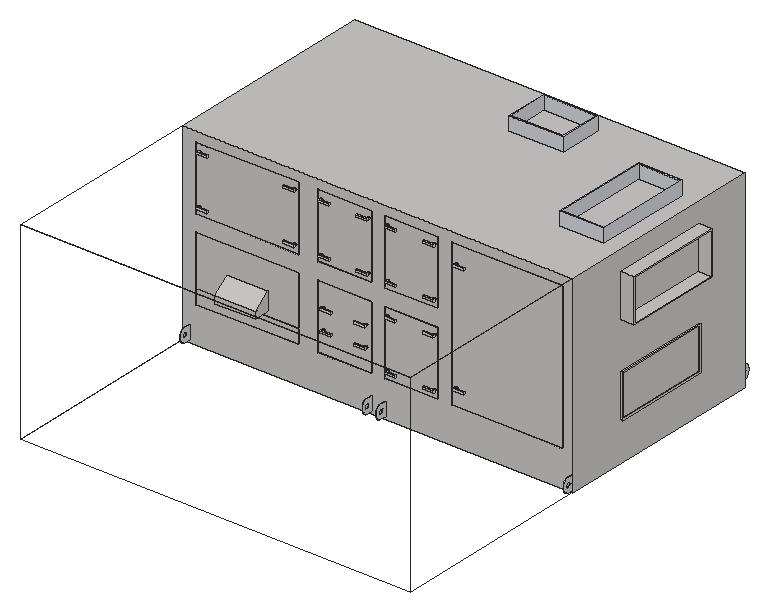
Revit family "DN-3IN-ECH-1FP", category Mechanical Equipment, Revit 2019
Family settings
  Round Connector Dimension = Use Diameter
  Part Type = Normal
  OmniClass Number = 23.75.00.00
  OmniClass Title = Climate Control (HVAC)
  Work Plane-Based = No
  Always vertical = Yes
  Cut with Voids When Loaded = No
  Shared = No
  Room Calculation Point = No
Parameters (values of type "2 @ 2.70 kW ea.")
  Voltage [instance] = "200-240 V"
  Unit Weight Range (lbs) [instance] = "2900-3475 lbs."
  Max. Shipping Weight (lbs) [instance] = "3125-3700 lbs."
  Unit Dimensions (L x W x H) [instance] = "147-7/8\" x 90-1/8\" x 71-7/8\""
  Shipping Dimensions (L x W x H) [instance] = "160\" x 90\" x 77\""
  Unit [instance] = Renewaire - Galvanized Steel
  URL = "www.renewaire.com"
  Typical Airflow Range = "750-3,300 CFM"
  Standard Features [instance] = "EC Motors for both airstreams, Direct drive backward inclined plenum, Higher ESP of up to 2.5\" w.g. at 3,000 CFM, Integrated programmable controls, True 100% face and bypass enthalpy based modulating economizer, Class 1 low leakage motorized isolation dampers, Stainless steel double-sloped drain pan with cooling option, 1\" Double wall foam injected 20 gauge galvanized panel construction with R6.5 insulation"
  Service Area Visibility [instance] = yes
  Service Area Box [instance] = Renewaire - Interference
  Revit Object Download Link [instance] = ""
  Phase [instance] = "Three"
  Options [instance] = "DX, heat pump, or chilled water cooling coil, Modulating hot gas reheat, Steam or hot water coil, gas heat module or electric heater, Onboard variable frequency drives (VFDs) - both airstreams, Fused disconnect, Spring isolators (VFDs only), 2\" Double wall foam injected 20 gauge galvanized panel construction with R13 insulation, Exterior paint - grey, white, custom color, BACNET factory activation, GFCI convenience outlet, Recirculation damper, Drain overflow switch, Mist Eliminator, Electrofin coating for coils"
  Number Motors [instance] = "Qty. 2, Direct drive motorized impeller packages"
  Model = "DN-3IN-ECH-1FP"
  Minimum Circuit Amps [instance] = "19.4 A"
  Maximum Overcurrent Protection [instance] = "25 A"
  Manufacturer = "Renewaire LLC"
  Inlets/Outlets [instance] = "OA & RA Inlets: 36\" x 16\", SA Outlet: 24\" x 16\", EA Outlet: 20\" x 16\""
  Frequency [instance] = "50/60 Hz"
  Filters [instance] = "Total qty. 6, MERV 8: 20\" x 20\" x 2\""
  FLA per Motor [instance] = "8.6-7.2"
  Energy Recovery Type [instance] = "Static plate total energy transfer"
  Description = "Energy Recovery Ventilator"
  Accessories [instance] = "Filters - MERV 13, 2\"  and 4\" (shipped loose), MERV 14, 2\" and 4\" (shipped loose), Additional filters available upon request, Duct mounted electric pre-heater (separately powered), Carbon dioxide sensor/control - wall mount (CO2-W), duct mount (CO2-D), IAQ sensor - wall mount (IAQ-W), duct mount (IAQ-D), Motion occupancy sensor/control - ceiling mount (MC-C), wall mount (MC-W), Smoke detector, Room temperature and humidity sensor, Duct static pressure sensor with display to 10\", without display 0-2\", Room pressure sensor with display to 1\", without display 0-1\", Waterless trap negative pressure, Waterless trap positive pressure, Remote display"
  AHRI 1060 Certified Core [instance] = "Three L-125-G5"
Types (6): name | Voltage | Minimum Circuit Amps | Maximum Overcurrent Protection | FLA per Motor
  (no name) | "200-240 V" | "19.4 A" | "25 A" | "8.6-7.2"
  2 @ 2.70 kW ea. | "200-240 V" | "19.4 A" | "25 A" | "8.6-7.2"
  2 @ 3.70 kW ea. | "380-480 V" | "13.5 A" | "15 A" | "6.0-4.6"
  2 @ 5HP ea. 208-230V | "208-230 V" | "31.3 A" | "45 A" | "13.9-13.4/6.7"
  2 @ 5HP ea. 460V | "460V" | "15.1 A" | "20 A" | "6.7"
  2 @ 5HP ea. 575V | "575V" | "11.9 A" | "15 A" | "5.3"
Reference planes (in)
  plane 1 "Center (Front/Back)": y = 0
  plane 2: z = 0
  plane 3 "Center (Left/Right)": x = 0
  plane 4: y = -39.6875
  plane 5: x = -73
Forms (in)
  Extrusion 1, solid, material "Renewaire - Galvanized Steel" <- "Unit"
    sketch origin (0, 0, 0) x (0, 1, 0) y (0, 0, 1)
      loop
        line (38.6875, 70.875) -> (-40.6875, 70.875) -> (-40.6875, 0) -> (38.6875, 0) -> (38.6875, 70.875)
    from 70.875 to -73
  Extrusion 2, void
    sketch origin (0, 0, 0) x (1, 0, 0) y (0, 0, 1)
      loop
        line (-68.17984, 67.32399) -> (-68.17984, 43.32172) -> (-30.17986, 43.32172) -> (-30.17986, 67.32399) -> (-68.17984, 67.32399)
      loop
        line (-3.23221, 67.32399) -> (-23.2322, 67.32399) -> (-23.2322, 43.32172) -> (-3.23221, 43.32172) -> (-3.23221, 67.32399)
      loop
        line (21.2974, 67.32399) -> (1.2974, 67.32399) -> (1.2974, 43.32172) -> (21.2974, 43.32172) -> (21.2974, 67.32399)
      loop
        line (67.20649, 67.32399) -> (26.2065, 67.32399) -> (26.2065, 13.32173) -> (67.20649, 13.32173) -> (67.20649, 67.32399)
      loop
        line (-68.17984, 37.32286) -> (-68.17984, 13.3206) -> (-30.17986, 13.3206) -> (-30.17986, 37.32286) -> (-68.17984, 37.32286)
      loop
        line (-3.23221, 37.32286) -> (-23.2322, 37.32286) -> (-23.2322, 13.3206) -> (-3.23221, 13.3206) -> (-3.23221, 37.32286)
      loop
        line (21.2974, 37.32286) -> (1.2974, 37.32286) -> (1.2974, 13.3206) -> (21.2974, 13.3206) -> (21.2974, 37.32286)
    from 41.6875 to 39.6875
  Extrusion 3, solid, material "Renewaire - Galvanized Steel" <- "Unit"
    sketch origin (0, -1.04504, 1.25231) x (0, 1, 0) y (0, 0, 1)
      loop
        line (12.02253, 30.88417) -> (-11.97747, 30.88417) -> (-11.97747, 14.88417) -> (12.02253, 14.88417) -> (12.02253, 30.88417)
      loop
        line (11.77253, 30.63417) -> (-11.72747, 30.63417) -> (-11.72747, 15.13417) -> (11.77253, 15.13417) -> (11.77253, 30.63417)
    from -74 to -73
  Extrusion 4, solid, material "Renewaire - Galvanized Steel" <- "Unit"
    sketch origin (0, -1.04504, 3) x (0, 1, 0) y (0, 0, 1)
      loop
        line (-17.97746, 27.82167) -> (-17.97746, 11.82167) -> (18.02254, 11.82167) -> (18.02254, 27.82167) -> (-17.97746, 27.82167)
      loop
        line (-17.72746, 27.57167) -> (-17.72746, 12.07167) -> (17.77254, 12.07167) -> (17.77254, 27.57167) -> (-17.72746, 27.57167)
    from 71.875 to 70.875
  Extrusion 5, solid, material "Renewaire - Galvanized Steel" <- "Unit"
    sketch origin (0, -1.04504, 2) x (0, 1, 0) y (0, 0, 1)
      loop
        line (-17.97746, 61.86166) -> (-17.97746, 45.86166) -> (18.02254, 45.86166) -> (18.02254, 61.86166) -> (-17.97746, 61.86166)
      loop
        line (-17.72746, 61.61166) -> (-17.72746, 46.11166) -> (17.77254, 46.11166) -> (17.77254, 61.61166) -> (-17.72746, 61.61166)
    from 76 to 70.875
  Extrusion 6, solid, material "Renewaire - Galvanized Steel" <- "Unit"
    sketch origin (-0.94821, 0, 2.00006) x (1, 0, 0) y (0, 0, 1)
      loop
        line (22.23876, 61.82394) -> (2.23875, 61.82394) -> (2.23875, 45.82395) -> (22.23876, 45.82395) -> (22.23876, 61.82394)
      loop
        line (21.98876, 61.57394) -> (2.48875, 61.57394) -> (2.48875, 46.07395) -> (21.98876, 46.07395) -> (21.98876, 61.57394)
    from -38.6875 to -43.6875
  Extrusion 7, void
    sketch origin (0, 0, 0) x (1, 0, 0) y (0, 1, 0)
      loop
        line (-71, 36.6875) -> (-71, -38.6875) -> (68.875, -38.6875) -> (68.875, 36.6875) -> (-71, 36.6875)
    from -1 to 6
  Extrusion 8, void
    sketch origin (0, 0, 0) x (1, 0, 0) y (0, 1, 0)
      loop
        line (64.82319, 17.02251) -> (48.8232, 17.02251) -> (48.8232, -18.97749) -> (64.82319, -18.97749) -> (64.82319, 17.02251)
      loop
        line (-48.8035, 11.02929) -> (-64.8035, 11.02929) -> (-64.8035, -12.97071) -> (-48.8035, -12.97071) -> (-48.8035, 11.02929)
    from 4 to 6.125
  Extrusion 9, solid, material "Renewaire - Galvanized Steel" <- "Unit"
    sketch origin (0, -1, 3) x (0, 1, 0) y (0, 0, 1)
      loop
        circle (-17.81314, 21.39443) r 3
      loop
        circle (-17.81314, 21.38898) r 2.75
    from -74 to -73
  Extrusion 10, solid, material "Renewaire - Interference" <- "Service Area Box"
    sketch origin (0, 0, 0) x (1, 0, 0) y (0, 1, 0)
      loop
        line (-73, -40.6875) -> (-73, -115.6875) -> (70.875, -115.6875) -> (70.875, -40.6875) -> (-73, -40.6875)
    from 0 to 70.875
  Extrusion 11, solid
    sketch origin (0, 0, 0) x (1, 0, 0) y (0, 1, 0)
      loop
        line (2.27522, 15.62747) -> (22.2752, 15.62747) -> (22.2752, 31.62747) -> (2.27522, 31.62747) -> (2.27522, 15.62747)
      loop
        line (2.52522, 31.37747) -> (2.52522, 15.87747) -> (22.0252, 15.87747) -> (22.0252, 31.37747) -> (2.52522, 31.37747)
    from 70.875 to 75.875
  Extrusion 12, solid
    sketch origin (0, 0, 0) x (1, 0, 0) y (0, 1, 0)
      loop
        line (48.8232, 17.02251) -> (48.8232, -18.97749) -> (64.87498, -18.97749) -> (64.87498, 17.02251) -> (48.8232, 17.02251)
      loop
        line (49.0732, 16.77251) -> (49.0732, -18.72749) -> (64.62498, -18.72749) -> (64.62498, 16.77251) -> (49.0732, 16.77251)
    from 70.875 to 75.875
  Extrusion 13, solid, material "Renewaire - Galvanized Steel" <- "Unit"
    sketch origin (-2.44114, 0, 1.46043) x (0, 1, 0) y (0, 0, 1)
      loop
        line (-38.6875, 27.36287) -> (-46.3706, 21.36017) -> (-46.3706, 18.86017) -> (-38.6875, 18.86017) -> (-38.6875, 27.36287)
    from -54.17871 to -39.29871
  Extrusion 14, solid, material "Renewaire - Galvanized Steel" <- "Unit"
    sketch origin (-2.44136, 0, 3.50005) x (1, 0, 0) y (0, 0, 1)
      loop
        line (-65.48848, 63.57394) -> (-65.48848, 40.07168) -> (-27.98849, 40.07168) -> (-27.98849, 63.57394) -> (-65.48848, 63.57394)
      loop
        line (-20.54769, 63.57394) -> (-20.54769, 40.07168) -> (-1.0477, 40.07168) -> (-1.0477, 63.57394) -> (-20.54769, 63.57394)
      loop
        line (28.89786, 63.57394) -> (28.89786, 10.07169) -> (69.39785, 10.07169) -> (69.39785, 63.57394) -> (28.89786, 63.57394)
      loop
        line (-65.48848, 33.57282) -> (-65.48848, 15.32055) -> (-27.98849, 15.32055) -> (-27.98849, 33.57282) -> (-65.48848, 33.57282)
      loop
        line (-65.48848, 10.07055) -> (-27.98849, 10.07055) -> (-27.98849, 15.07055) -> (-65.48848, 15.07055) -> (-65.48848, 10.07055)
      loop
        line (-20.54769, 33.57282) -> (-20.54769, 10.07055) -> (-1.0477, 10.07055) -> (-1.0477, 33.57282) -> (-20.54769, 33.57282)
      loop
        line (3.98191, 63.57394) -> (3.98191, 40.07168) -> (23.48191, 40.07168) -> (23.48191, 63.57394) -> (3.98191, 63.57394)
      loop
        line (3.98191, 33.57282) -> (3.98191, 10.07055) -> (23.48191, 10.07055) -> (23.48191, 33.57282) -> (3.98191, 33.57282)
    from 40.6875 to 39.6875
Cuts and joins
  Extrusion 2, Extrusion 7, Extrusion 8 cuts Extrusion 1
Dimensions and locks (in)
  aligned and locked: level to plane 2
  aligned and locked: Extrusion 5 to cut or joined group of Extrusion 1, Extrusion 2, Extrusion 7, Extrusion 8
  aligned and locked: Extrusion 6 to cut or joined group of Extrusion 1, Extrusion 2, Extrusion 7, Extrusion 8
  aligned and locked: plane 5 to Extrusion 9
  aligned and locked: cut or joined group of Extrusion 1, Extrusion 2, Extrusion 7, Extrusion 8 to nested 2
  aligned and locked: cut or joined group of Extrusion 1, Extrusion 2, Extrusion 7, Extrusion 8 to nested 1
  aligned and locked: cut or joined group of Extrusion 1, Extrusion 2, Extrusion 7, Extrusion 8 to Extrusion 10 sketch curve
  aligned and locked: Extrusion 10 sketch curve to cut or joined group of Extrusion 1, Extrusion 2, Extrusion 7, Extrusion 8
  aligned and locked: Extrusion 10 to level
Nested families (in)
  nested 1: "Lifting Lug" at (-70.56479, -40.6875, 0.74993) x (0, -1, 0) z (0, 0, 1), Material <- "Unit", type "Lifting Lug"
    with Material Renewaire - Galvanized Steel
  nested 2: "Handle" at (-31.55486, -40.6875, 64.44899), type "Handle"
    with Right Handle no, Left Handle yes, Flip yes
  nested 3: "Lifting Lug" at (70.7892, -40.6875, 0.74993) x (0, -1, 0) z (0, 0, 1), Material <- "Unit", type "Lifting Lug"
    with Material Renewaire - Galvanized Steel
  nested 4: "Handle" at (-31.55486, -40.6875, 46.19672), type "Handle"
    with Right Handle no, Left Handle yes, Flip yes
  nested 5: "Handle" at (-66.80484, -40.6875, 64.44899) x (-1, 0, 0) z (0, 0, 1), type "Handle"
    with Right Handle no, Left Handle yes, Flip yes
  nested 6: "Handle" at (-66.80484, -40.6875, 46.19672) x (-1, 0, 0) z (0, 0, 1), type "Handle"
    with Right Handle no, Left Handle yes, Flip yes
  nested 7: "Handle" at (-5.35721, -40.6875, 28.86287), type "Handle"
    with Right Handle no, Left Handle yes, Flip yes
  nested 8: "Handle" at (-5.35721, -40.6875, 21.4653), type "Handle"
    with Right Handle no, Left Handle yes, Flip yes
  nested 9: "Handle" at (-21.1072, -40.6875, 28.86287) x (-1, 0, 0) z (0, 0, 1), type "Handle"
    with Right Handle no, Left Handle yes, Flip yes
  nested 10: "Handle" at (-21.1072, -40.6875, 21.4653) x (-1, 0, 0) z (0, 0, 1), type "Handle"
    with Right Handle no, Left Handle yes, Flip yes
  nested 11: "Lifting Lug" at (-70.513, 38.6875, 0.74993) x (0, 1, 0) z (0, 0, 1), Material <- "Unit", type "Lifting Lug"
    with Material Renewaire - Galvanized Steel
  nested 12: "Lifting Lug" at (1.70251, 38.6875, 0.74993) x (0, 1, 0) z (0, 0, 1), Material <- "Unit", type "Lifting Lug"
    with Material Renewaire - Galvanized Steel
  nested 13: "Lifting Lug" at (68.85071, 38.6875, 0.74993) x (0, 1, 0) z (0, 0, 1), Material <- "Unit", type "Lifting Lug"
    with Material Renewaire - Galvanized Steel
  nested 14: "Lifting Lug" at (-3.38708, 38.6875, 0.74993) x (0, 1, 0) z (0, 0, 1), Material <- "Unit", type "Lifting Lug"
    with Material Renewaire - Galvanized Steel
  nested 15: "Handle" at (-21.8572, -40.6875, 64.44899) x (-1, 0, 0) z (0, 0, 1), type "Handle"
    with Right Handle no, Left Handle yes, Flip yes
  nested 16: "Handle" at (-21.8572, -40.6875, 46.19672) x (-1, 0, 0) z (0, 0, 1), type "Handle"
    with Right Handle no, Left Handle yes, Flip yes
  nested 17: "Handle" at (-4.55486, -40.6875, 64.44899), type "Handle"
    with Right Handle no, Left Handle yes, Flip yes
  nested 18: "Handle" at (-4.55486, -40.6875, 46.19672), type "Handle"
    with Right Handle no, Left Handle yes, Flip yes
  nested 19: "Handle" at (2.6724, -40.6875, 64.44899) x (-1, 0, 0) z (0, 0, 1), type "Handle"
    with Right Handle no, Left Handle yes, Flip yes
  nested 20: "Handle" at (2.6724, -40.6875, 46.19672) x (-1, 0, 0) z (0, 0, 1), type "Handle"
    with Right Handle no, Left Handle yes, Flip yes
  nested 21: "Handle" at (19.97475, -40.6875, 64.44899), type "Handle"
    with Right Handle no, Left Handle yes, Flip yes
  nested 22: "Handle" at (19.97475, -40.6875, 46.19672), type "Handle"
    with Right Handle no, Left Handle yes, Flip yes
  nested 23: "Handle" at (2.6724, -40.6875, 34.44786) x (-1, 0, 0) z (0, 0, 1), type "Handle"
    with Right Handle no, Left Handle yes, Flip yes
  nested 24: "Handle" at (2.6724, -40.6875, 16.1956) x (-1, 0, 0) z (0, 0, 1), type "Handle"
    with Right Handle no, Left Handle yes, Flip yes
  nested 25: "Handle" at (19.97475, -40.6875, 34.44786), type "Handle"
    with Right Handle no, Left Handle yes, Flip yes
  nested 26: "Handle" at (19.97475, -40.6875, 16.1956), type "Handle"
    with Right Handle no, Left Handle yes, Flip yes
  nested 27: "Lifting Lug" at (1.70251, -40.6875, 0.74993) x (0, -1, 0) z (0, 0, 1), Material <- "Unit", type "Lifting Lug"
    with Material Renewaire - Galvanized Steel
  nested 28: "Lifting Lug" at (-3.38708, -40.6875, 0.74993) x (0, -1, 0) z (0, 0, 1), Material <- "Unit", type "Lifting Lug"
    with Material Renewaire - Galvanized Steel
  nested 29: "Handle" at (27.90471, -40.6875, 60.57394) x (-1, 0, 0) z (0, 0, 1), type "Handle"
    with Right Handle no, Left Handle yes, Flip yes
  nested 30: "Handle" at (27.90471, -40.6875, 19.59892) x (-1, 0, 0) z (0, 0, 1), type "Handle"
    with Right Handle no, Left Handle yes, Flip yes
Connectors (in)
  hvac at (-73, -1.02251, 24.13648)
    settings: on Extrusion 3, index 1, duct flow 0 CFM, flow factor 0, pres drop 0.00 in-wg, loss coef 0, conn angle 0.00°, conn width 24", conn height 16", conn diameter 24", duct sys type 1, conn prof type 1, flow config 0, flow direction 2, loss method 0, conn ref index -1, conn util no, is conn primary yes, conn desc "Supply Air (SA)"
  hvac at (56.8232, -0.97749, 6)
    settings: on cut or joined group of Extrusion 1, Extrusion 2, Extrusion 7, Extrusion 8, index 3, duct flow 0 CFM, flow factor 0, pres drop 0.00 in-wg, loss coef 0, conn angle 0.00°, conn width 36", conn height 16", conn diameter 24", duct sys type 2, conn prof type 1, flow config 0, flow direction 1, loss method 0, conn ref index -1, conn util no, is conn primary no, conn desc "Return Air (RA)"
  hvac at (71.875, -1.0225, 22.82167)
    settings: on Extrusion 4, index 4, duct flow 0 CFM, flow factor 0, pres drop 0.00 in-wg, loss coef 0, conn angle 0.00°, conn width 36", conn height 16", conn diameter 24", duct sys type 2, conn prof type 1, flow config 0, flow direction 1, loss method 0, conn ref index -1, conn util no, is conn primary no, conn desc "Return Air (RA)"
  hvac at (76, -1.0225, 55.86166)
    settings: on Extrusion 5, index 5, duct flow 0 CFM, flow factor 0, pres drop 0.00 in-wg, loss coef 0, conn angle 0.00°, conn width 36", conn height 16", conn diameter 24", duct sys type 4, conn prof type 1, flow config 0, flow direction 1, loss method 0, conn ref index -1, conn util no, is conn primary no, conn desc "Outside Air (AO)"
  hvac at (11.29054, 43.6875, 55.82401)
    settings: on Extrusion 6, index 8, duct flow 0 CFM, flow factor 0, pres drop 0.00 in-wg, loss coef 0, conn angle 0.00°, conn width 20", conn height 16", conn diameter 24", duct sys type 3, conn prof type 1, flow config 0, flow direction 2, loss method 0, conn ref index -1, conn util no, is conn primary no, conn desc "Exhaust Air (EA)"
  hvac at (12.27521, 23.62747, 75.875)
    settings: on Extrusion 11, index 9, duct flow 0 CFM, flow factor 0, pres drop 0.00 in-wg, loss coef 0, conn angle 0.00°, conn width 20", conn height 16", conn diameter 24", duct sys type 3, conn prof type 1, flow config 0, flow direction 2, loss method 0, conn ref index -1, conn util no, is conn primary no, conn desc "Exhaust Air (EA)"
  hvac at (56.84909, -0.97749, 75.875)
    settings: on Extrusion 12, index 10, duct flow 0 CFM, flow factor 0, pres drop 0.00 in-wg, loss coef 0, conn angle 0.00°, conn width 16", conn height 36", conn diameter 24", duct sys type 4, conn prof type 1, flow config 0, flow direction 1, loss method 0, conn ref index -1, conn util no, is conn primary no, conn desc "Outside Air (AO)"
  hvac at (-56.8035, -0.97071, 6.125)
    settings: on cut or joined group of Extrusion 1, Extrusion 2, Extrusion 7, Extrusion 8, index 11, duct flow 0 CFM, flow factor 0, pres drop 0.00 in-wg, loss coef 0, conn angle 0.00°, conn width 16", conn height 24", conn diameter 24", duct sys type 1, conn prof type 1, flow config 0, flow direction 2, loss method 0, conn ref index -1, conn util no, is conn primary no, conn desc "Supply Air (SA)"
Definition of nested family "Lifting Lug"
  Parameters (values of type "Lifting Lug")
    Material [instance] = none
  Reference planes (in)
    plane 1 "Center (Front/Back)": y = 0
    plane 2: z = 0
    plane 3 "Center (Left/Right)": x = 0
  Forms (in)
    Extrusion 1, solid
      sketch origin (0, 0, 0) x (1, 0, 0) y (0, 0, 1)
        loop
          line (0, 0.1875) -> (2, 0.1875)
          arc (2, 0.1875) -> (3.41421, 0.77329) -> (4, 2.1875) r 2
          line (4, 2.1875) -> (4, 3.1875)
          arc (4, 3.1875) -> (3.41421, 4.60171) -> (2, 5.1875) r 2
          line (2, 5.1875) -> (0, 5.1875) -> (0, 0.1875)
        loop
          circle (2.125, 2.6875) r 1
      from 0 to 0.25
  Dimensions and locks (in)
    aligned and locked: plane 2 to level
Definition of nested family "Handle"
  Parameters (values of type "Handle")
    Right Handle [instance] = not(Flip)  # no
    Material = none
    Left Handle [instance] = Flip  # yes
    Flip [instance] = yes
  Reference planes (in)
    plane 1 "Center (Front/Back)": y = 0
    plane 2: z = 0
    plane 3 "Center (Left/Right)": x = 0
  Forms (in)
    Extrusion 1, solid, material <- "Material"
      sketch origin (0, 0, 0) x (1, 0, 0) y (0, 0, 1)
        loop
          circle (0, 0) r 0.375
      from 0 to 0.75
    Extrusion 2, solid, material <- "Material", visible <- "Right Handle"
      sketch origin (0, 0, 0) x (1, 0, 0) y (0, 1, 0)
        loop
          line (-0.375, -0.75) -> (-0.375, -1.25) -> (3.625, -1.25) -> (3.625, -0.75) -> (-0.375, -0.75)
      from -0.375 to 0.375
    Extrusion 3, solid, material <- "Material", visible <- "Left Handle"
      sketch origin (-3.25, 0, 0) x (1, 0, 0) y (0, 1, 0)
        loop
          line (-0.375, -0.75) -> (-0.375, -1.25) -> (3.625, -1.25) -> (3.625, -0.75) -> (-0.375, -0.75)
      from -0.375 to 0.375
  Dimensions and locks (in)
    aligned and locked: plane 2 to level
